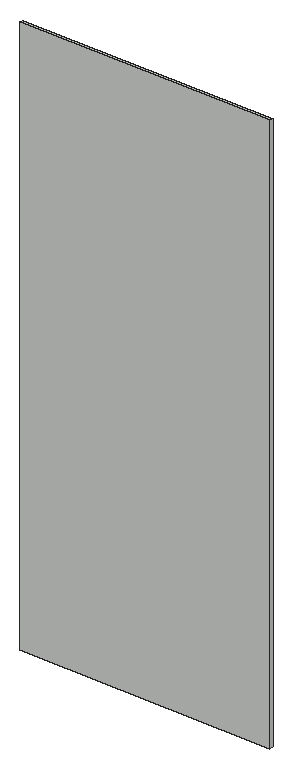
Revit family "Profile Surfaces 001", category Generic Models, host Wall, Revit 2021
Family settings
  Host = Wall
  Can host rebar = No
  Round Connector Dimension = Use Diameter
  Part Type = Normal
  Always vertical = Yes
  Cut with Voids When Loaded = No
  Shared = No
  Room Calculation Point = No
Parameters
  URL = "https://www.csiposhfelt.com/products/profile-surfaces-001"
  Panel Width = 4' - 0"
  Panel Height = 9' - 0"
  Model = "Profile Surfaces 001"
  Manufacturer = "CSI PoshFelt"
  Default Elevation = 0' - 0"
  Core Material = PSH299
Reference planes (in)
  plane 1: y = 0
  plane 2 "Center (Left/Right)": x = 0
  plane 3 "Wall Edge": y = 3
Forms (in)
  Extrusion 1, solid, material "PSH299" <- "Core Material"
    sketch origin (0, 0, 0) x (1, 0, 0) y (0, 1, 0)
      loop
        line (-24, 3.625) -> (-24, 3) -> (24, 3) -> (24, 3.625) -> (-24, 3.625)
    from 0 to 108
Lines and regions (in)
  reference lines
    curve 1: line (24, 12, 0) -> (24, -3, 0)
    curve 2: line (-24, 12, 0) -> (-24, -3, 0)
    curve 3: line (32, 3, 108) -> (-32, 3, 108)
Text (in)
  text "Placement Side" at (0, 40.15149, 123.01588), in view "Right"
  text "Placement Side" at (-70.3804, 28.46503, 0), in view "Ref. Level"
  text "Placement Side" at (0, 81.62555, 140.59947), in view "Left"
Dimensions and locks (in)
  locked: plane 3 "Wall Edge" to host wall
  "Panel Width": curve 2 to curve 1
  "Panel Height": level to curve 3
  aligned and locked: curve 2 to Extrusion 1
  aligned and locked: Extrusion 1 to curve 1
  aligned and locked: Extrusion 1 to curve 3
  aligned and locked: Extrusion 1 to level
Automatic sketch dimensions
  Extrusion 1 sketch curve to host wall = 0' - 0"
  Extrusion 1 sketch curve to plane 2 "Center (Left/Right)" = 2' - 0"
  host wall to Extrusion 1 sketch curve = 0' - 0 5/8"
  plane 2 "Center (Left/Right)" to Extrusion 1 sketch curve = 2' - 0"
  host wall to curve 2 = 0' - 0"
  host wall to curve 1 = 0' - 0"
  host wall to curve 2 = 0' - 9"
  curve 2 to plane 2 "Center (Left/Right)" = 2' - 0"
  host wall to curve 1 = 0' - 9"
  curve 3 to plane 2 "Center (Left/Right)" = 2' - 8"
  plane 2 "Center (Left/Right)" to curve 3 = 2' - 8"
